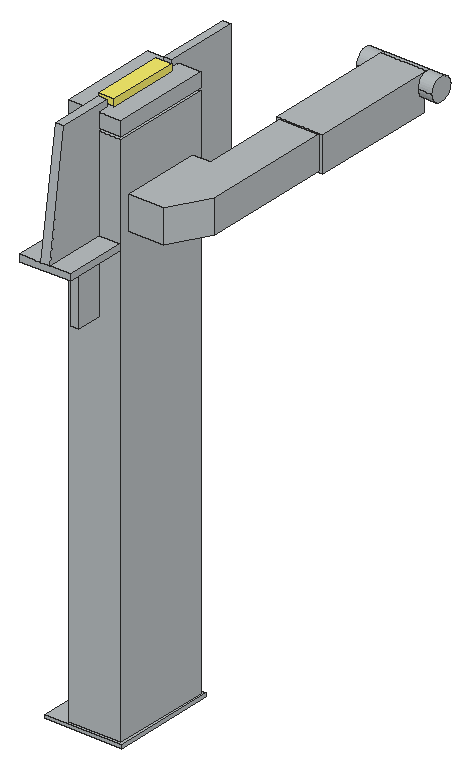
Revit family "Safety_Truck-Restraint_Nova-Tech_TruckLockANCHOR-Cast", category Generic Models, host Face, Revit 2026
Family settings
  Host = Face
  Can host rebar = No
  Round Connector Dimension = Use Diameter
  Part Type = Normal
  Classification Number = 23.50.70.27
  Cut with Voids When Loaded = No
  Maintain Annotation Orientation = No
  Shared = No
  Room Calculation Point = No
Parameters
  nonconcretevoid [instance] = if(Concrete Drive Install, 4' 0", 0' 0")  # 4' - 0"
  concretevoid [instance] = if(Concrete Drive Install, 0' 0", 4' 0")  # 0' - 0"
  Warranty Duration (Years) = 0
  Unit Width = 1' - 3 59/64"
  Unit Height = 0' - 10"
  Unit Depth = 2' - 1 5/128"
  URL = "http://www.novalocks.com/"
  Test Data = ""
  Specification = "http://arcat.com/arcatcos/cos43/arc43493.html?isac=1&r=2"
  SpecWizard = ""
  Send Message = "http://www.arcat.com/users.pl?action=UserEmail&company=Nova+Technology&coid=43493&rep=132&fax=262-502-1511&mf="
  Sales Information = "http://www.novalocks.com/general-contact-info/"
  Revision = "R1_4_2013"
  Restraint [instance] = Metal - Nova - Yellow
  Product Properties = ""
  Product Data = "http://arcat.com/arcatcos/cos43/arc43493.html?isac=1&r=2"
  NonConcrete Drive Install [instance] = not(Concrete Drive Install)  # no
  Model = "As Specified"
  Manufacturer Website = "http://www.novalocks.com/"
  Manufacturer Phone - Toll Free = "800-236-7325"
  Manufacturer Phone = "262-502-1591"
  Manufacturer Fax = "262-502-1511"
  Manufacturer Address = "N90 W14507 Commerce Dr. Menomonee Falls, WI 53051"
  Manufacturer = "Nova Technology"
  Maintenance Schedule (Months) = 0
  Keynote = "11160"
  Installation-Fabrication = ""
  Installation Phase = ""
  Green Building-LEED = ""
  Fixture Material = Metal - Nova - Zinc Coated Steel
  Expected Lifespan (Years) = 0
  Drawn By = "Sumex Design, Inc. / Robert S. Weygant, CSI, CDT, SCIP"
  Dock Bumper Thickness [instance] = 0' - 4"
  Description = "Nova Technology Dock Product as Specified"
  Default Elevation = 4' - 0"
  Core Depth = 2' - 6"
  Copyright = "©Arcat Inc."
  Construction Details = ""
  Concrete Drive Thickness [instance] = 0' - 5 213/256"
  Concrete Drive Install [instance] = yes
  Building Codes = ""
  Assembly Code = "E1030300"
Reference planes (in)
  plane 1 "Center (Front/Back)": y = 10.76898
  plane 2: z = 0
  plane 3 "Center (Left/Right)": x = 0
  plane 4: y = 8.44898
  plane 5: y = 12.76898
  plane 6 "Dock Bumper Face": y = 22.76898
  plane 7 "Dock Wall": y = 26.76898
  plane 8: z = -30
  plane 9: z = 0
  plane 10: z = 48
  plane 11: z = 18
  plane 12: z = 30
Forms (in)
  Extrusion 1, void
    sketch origin (0, 0, 0) x (1, 0, 0) y (0, 1, 0)
      loop
        circle (0, 10.76898) r 5
    from 0 to -30
  Extrusion 2, solid, material "Metal - Nova - Zinc Coated Steel" <- "Fixture Material"
    sketch origin (0, 2.55, 0) x (0, 1, 0) y (0, 0, 1)
      loop
        line (1.27398, 0.39844) -> (5.64898, 0.39844) -> (5.64898, 7.5) -> (2.3836, 7.5) -> (1.27398, 0.39844)
      loop
        line (5.02398, 0) -> (3.52398, 0) -> (3.52398, -4) -> (5.02398, -4) -> (5.02398, 0)
      loop
        line (15.03898, 0.39844) -> (15.03898, 7.5) -> (10.53898, 7.5) -> (10.53898, 0.39844) -> (15.03898, 0.39844)
      loop
        line (11.02398, 0) -> (11.02398, -4) -> (12.52398, -4) -> (12.52398, 0) -> (11.02398, 0)
    from 0.25 to -0.25
  Extrusion 3, solid, material "Metal - Nova - Yellow" <- "Restraint"
    sketch origin (0, 2.55, 0) x (0, 1, 0) y (0, 0, 1)
      loop
        line (5.89898, 7.5) -> (5.89898, -26.63156) -> (10.21898, -26.63156) -> (10.21898, 7.5) -> (5.89898, 7.5)
    from -0.48047 to 0.48047
  Extrusion 4, solid, material "Metal - Nova - Zinc Coated Steel" <- "Fixture Material"
    sketch origin (0, 0, 0) x (0, 1, 0) y (0, 0, 1)
      loop
        line (7.57398, -26.63156) -> (13.57398, -26.63156) -> (13.57398, 6.07661) -> (7.57398, 6.07661) -> (7.57398, -26.63156)
    from 1.60156 to -1.60156
  Extrusion 5, solid, material "Metal - Nova - Zinc Coated Steel" <- "Fixture Material"
    sketch origin (0, 0, 0) x (1, 0, 0) y (0, 1, 0)
      loop
        line (-1.60156, 13.57398) -> (-1.60156, 7.57398) -> (1.60156, 7.57398) -> (1.60156, 13.57398) -> (-1.60156, 13.57398)
    from 6.24169 to 7.11696
  Extrusion 6, solid, material "Metal - Nova - Zinc Coated Steel" <- "Fixture Material"
    sketch origin (0, 0, 3.415) x (0, 1, 0) y (0, 0, 1)
      loop
        circle (26.08148, -1.10906) r 0.6875
    from 1.6319 to 6.1919
  Extrusion 7, solid, material "Metal - Nova - Zinc Coated Steel" <- "Fixture Material"
    sketch origin (0, 0, -1.085) x (0, 1, 0) y (0, 0, 1)
      loop
        line (26.08148, 4.07844) -> (18.19898, 4.07844) -> (18.19898, 1.92245) -> (25.83148, 1.92245) -> (25.83148, 3.89483)
        arc (25.83148, 3.89483) -> (26.18793, 3.94327) -> (26.50085, 3.76582) r 0.5625
        line (26.50085, 3.76582) -> (26.50085, 3.06085) -> (26.62585, 3.06085) -> (26.62585, 3.81085)
        arc (26.62585, 3.81085) -> (26.38477, 4.00792) -> (26.08148, 4.07844) r 0.6875
    from 2.51844 to 5.30537
  Extrusion 8, solid, material "Metal - Nova - Zinc Coated Steel" <- "Fixture Material"
    sketch origin (0, 0, 0) x (0, 1, 0) y (0, 0, 1)
      loop
        line (17.34398, 0.39844) -> (3.82398, 0.39844) -> (3.82398, 0) -> (17.34398, 0) -> (17.34398, 0.39844)
    from -1.51953 to 1.51953
  Extrusion 9, solid, material "Metal - Nova - Zinc Coated Steel" <- "Fixture Material"
    sketch origin (0, 0, 0) x (0, 1, 0) y (0, 0, 1)
      loop
        line (13.76148, -26.63156) -> (7.38648, -26.63156) -> (7.38648, -26.81906) -> (13.76148, -26.81906) -> (13.76148, -26.63156)
    from -2.85156 to 1.78906
  Extrusion 10, void
    sketch origin (0, 0, 0) x (0, 1, 0) y (0, 0, 1)
      loop
        line (2.16448, -5.83203) -> (5.76898, -19.84205) -> (5.76898, -30) -> (15.76898, -30) -> (15.76898, -16.83263) -> (26.76898, -14.89304) -> (26.76898, -5.83203) -> (2.16448, -5.83203)
    from 5 to -5
  Extrusion 11, void
    sketch origin (29, 31.3103, 48) x (1, 0, 0) y (0, -1, 0)
      loop
        line (-17, 4.54131) -> (-17, 40.54131) -> (-41, 40.54131) -> (-41, 4.54131) -> (-17, 4.54131)
    from 0 to 10
  Extrusion 12, void
    sketch origin (0, 0, 0) x (1, 0, 0) y (0, 1, 0)
      loop
        line (-5, 26.76898) -> (-5, 10.76898)
        arc (-5, 10.76898) -> (0, 5.76898) -> (5, 10.76898) r 5
        line (5, 10.76898) -> (5, 26.76898) -> (-5, 26.76898)
    from 30 to 48
  Extrusion 13, solid, material "Metal - Nova - Zinc Coated Steel" <- "Fixture Material"
    sketch origin (0, 0.00489, 0) x (1, 0, 0) y (0, 1, 0)
      loop
        line (1.60156, 8.07398) -> (3.76156, 8.07398) -> (5.06156, 10.32565) -> (5.06156, 20.82565) -> (2.74156, 20.82565) -> (2.74156, 12.94898) -> (1.60156, 12.94898) -> (1.60156, 8.07398)
    from 0.91171 to 2.91016
Cuts and joins
  Extrusion 10 cuts Extrusion 5
  Extrusion 10 cuts Extrusion 6
  Extrusion 10 cuts Extrusion 7
  Extrusion 10 cuts Extrusion 8
  joined: Extrusion 2, Extrusion 4, Extrusion 5, Extrusion 6, Extrusion 7, Extrusion 8, Extrusion 9
Dimensions and locks (in)
  locked: plane 6 "Dock Bumper Face" to plane 1 "Center (Front/Back)" at 12
  locked: plane 6 "Dock Bumper Face" to plane 5 at 10
  locked: plane 5 to plane 4 at 4.32
  "Dock Bumper Thickness": plane 7 "Dock Wall" to plane 6 "Dock Bumper Face"
  "Core Depth": level to plane 8
  Extrusion 4 sketch curve to plane 1 "Center (Front/Back)" to Extrusion 4 sketch curve = 0' - 3.195" locked, 0' - 2.805" locked
  locked: Extrusion 6 sketch curve to plane 7 "Dock Wall" at 0.6875
  Extrusion 7 sketch curve to Extrusion 7 sketch curve to Extrusion 7 sketch curve to plane 7 "Dock Wall" = 0' - 0.66936" locked, 0' - 0 1/8" locked, 0' - 0.14314" locked
  "concretevoid": plane 9 to level
  "Concrete Drive Thickness": plane 9 to Extrusion 10 sketch curve
  plane 9 to Extrusion 10 sketch curve to Extrusion 10 sketch curve = 1' - 2.89304" locked, 0' - 1.9396" locked
  locked: plane 9 to Extrusion 10 sketch curve at 19.84205
  "Core Depth": plane 9 to Extrusion 10 sketch curve
  "nonconcretevoid": plane 10 to level
  locked: plane 6 "Dock Bumper Face" to Extrusion 12 sketch curve at 12
  "Core Depth": plane 10 to plane 11
  locked: plane 1 "Center (Front/Back)" to Extrusion 7 sketch curve at 7.43
  locked: plane 10 to plane 12 at 18
  aligned and locked: plane 2 to host face
  aligned and locked: level to host face
  aligned and locked: Extrusion 1 to plane 8
  aligned and locked: level to Extrusion 1
  aligned and locked: Extrusion 10 sketch curve to plane 7 "Dock Wall"
  aligned and locked: Extrusion 12 sketch curve to plane 7 "Dock Wall"
  aligned and locked: plane 10 to Extrusion 12
  aligned and locked: Extrusion 12 to plane 12
Automatic sketch dimensions
  host sketch curve to host sketch curve = 8' - 0"  (x2)
  Extrusion 1 sketch curve to plane 1 "Center (Front/Back)" = 0' - 0"
  Extrusion 1 sketch curve to plane 3 "Center (Left/Right)" = 0' - 0"
  Extrusion 3 sketch curve to plane 4 = 0' - 0"
  Extrusion 3 sketch curve to plane 5 = 0' - 0"
  plane 8 to Extrusion 3 sketch curve = 0' - 3.36844"
  plane 8 to Extrusion 4 sketch curve = 0' - 3.36844"
  Extrusion 5 sketch curve to plane 3 "Center (Left/Right)" = 0' - 1 77/128"
  plane 3 "Center (Left/Right)" to Extrusion 5 sketch curve = 0' - 1 77/128"
  Extrusion 5 sketch curve to plane 4 = 0' - 0 7/8"
  plane 5 to Extrusion 5 sketch curve = 0' - 0.805"
  Extrusion 9 sketch curve to plane 4 = 0' - 1 1/16"
  plane 5 to Extrusion 9 sketch curve = 0' - 0.9925"
  plane 8 to Extrusion 9 sketch curve = 0' - 3.18094"
  Extrusion 9 sketch curve to Extrusion 9 sketch curve = 0' - 0 3/16"
  Extrusion 11 sketch curve to plane 7 "Dock Wall" = 0' - 0"
  Extrusion 11 sketch curve to plane 3 "Center (Left/Right)" = 1' - 0"
  Extrusion 11 sketch curve to Extrusion 11 sketch curve = 2' - 0"
  Extrusion 11 sketch curve to plane 4 = 1' - 5.68"
  Extrusion 12 sketch curve to plane 3 "Center (Left/Right)" = 0' - 0"
  Extrusion 12 sketch curve to Extrusion 12 sketch curve = 0' - 5"
  Extrusion 3 sketch curve to plane 11 = 0' - 10 1/2"
  level to Extrusion 4 sketch curve = 0' - 6.07661"
  level to Extrusion 6 sketch curve = 0' - 2.30594"
  Extrusion 8 sketch curve to level = 0' - 0"
  Extrusion 8 sketch curve to plane 4 = 0' - 4 5/8"
  plane 5 to Extrusion 8 sketch curve = 0' - 4.575"
  Extrusion 8 sketch curve to Extrusion 8 sketch curve = 0' - 0 51/128"
  Extrusion 2 sketch curve to level = 0' - 0"  (x2)
  level to Extrusion 2 sketch curve = 0' - 0 51/128"  (x2)
  Extrusion 2 sketch curve to plane 4 = 0' - 4 5/8"
  Extrusion 2 sketch curve to plane 4 = 0' - 3.51538"
  Extrusion 2 sketch curve to Extrusion 2 sketch curve = 0' - 2 1/4"
  Extrusion 2 sketch curve to plane 4 = 0' - 0 7/8"
  Extrusion 2 sketch curve to plane 4 = 0' - 0 1/4"
  plane 5 to Extrusion 2 sketch curve = 0' - 0.32"
  Extrusion 2 sketch curve to Extrusion 2 sketch curve = 0' - 0.485"
  Extrusion 2 sketch curve to Extrusion 2 sketch curve = 0' - 1 1/2"
  Extrusion 2 sketch curve to Extrusion 2 sketch curve = 0' - 2.515"
  Extrusion 2 sketch curve to Extrusion 2 sketch curve = 0' - 4"  (x2)
  Extrusion 2 sketch curve to Extrusion 2 sketch curve = 0' - 7 13/128"  (x2)
  Extrusion 13 sketch curve to plane 4 = 0' - 0.37011"
  plane 3 "Center (Left/Right)" to Extrusion 13 sketch curve = 0' - 1 77/128"
  plane 5 to Extrusion 13 sketch curve = 0' - 0.18489"
  Extrusion 13 sketch curve to Extrusion 13 sketch curve = 0' - 1.14"
  Extrusion 13 sketch curve to Extrusion 13 sketch curve = 0' - 2.16"
  plane 1 "Center (Front/Back)" to Extrusion 13 sketch curve = 0' - 0.43844"
  Extrusion 13 sketch curve to Extrusion 13 sketch curve = 0' - 1.3"
  Extrusion 13 sketch curve to plane 6 "Dock Bumper Face" = 0' - 1.93844"
  Extrusion 7 sketch curve to Extrusion 7 sketch curve = 0' - 0"  (x2)
  Extrusion 7 sketch curve to Extrusion 7 sketch curve = 0' - 0.41936"
  level to Extrusion 7 sketch curve = 0' - 0.83745"
  Extrusion 7 sketch curve to Extrusion 7 sketch curve = 0' - 1.1384"
  Extrusion 7 sketch curve to Extrusion 7 sketch curve = 0' - 0.33009"
  Extrusion 7 sketch curve to Extrusion 7 sketch curve = 0' - 0.37489"
  Extrusion 7 sketch curve to Extrusion 7 sketch curve = 0' - 0.04502"
  plane 5 to Extrusion 10 sketch curve = 0' - 3"
  Extrusion 10 sketch curve to plane 4 = 0' - 2.68"
  Extrusion 10 sketch curve to plane 4 = 0' - 6.2845"
  radius of Extrusion 1 sketch curve = 0' - 5"
  radius of Extrusion 6 sketch curve = 0' - 0 11/16"
